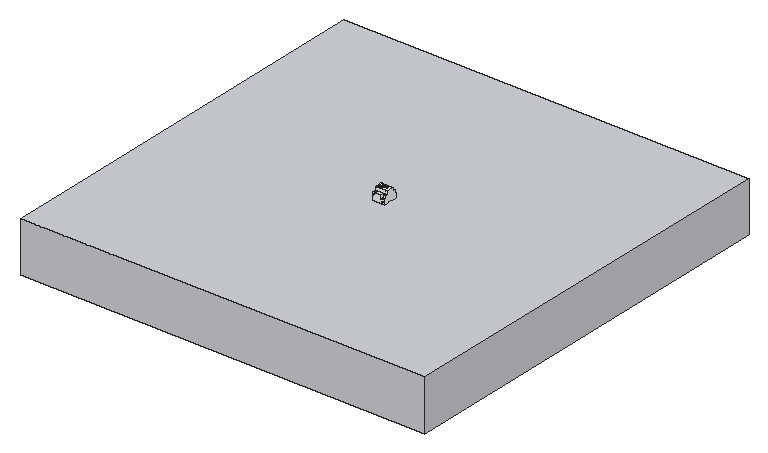
Revit family "Gira_547300", category Elektroinstallationen, Revit 2017
Family settings
  Basisbauteil = Fläche
  Beschriftungsausrichtung beibehalten = Nein
  Bemaßung runder Anschluss = Durchmesser verwenden
  Teiletyp = Normal
  Beim Laden mit Abzugskörper schneiden = Nein
  Gemeinsam genutzt = Nein
  Raumberechnungspunkt = Nein
Parameters (values of type "Funk Energiesensor 4f REG Gira eNet")
  Zusammenstellung = ""
  Zulassung nach PTB = no
  Default Elevation = 1219.2 mm
  Vor Ort-/Handbedienung = no
  URL = "https://www.gira.de/"
  Typname = "Funk Energiesensor 4f REG Gira eNet"
  Type Comments = ""
  Tarifumschaltung = no
  Schutzart (IP) = ""
  S0 Impulsschnittstelle = "ohne"
  Produktseite = "https://media.stage.bim.site/t/eyJhbGciOiJIUzI1NiIsInR5cCI6IkpXVCJ9.eyJjdCI6MiwidHUiOiJodHRwOi8va2F0YWxvZy5naXJhLmRlL2RlX0RFL2RhdGVuYmxhdHQuaHRtbD9hcnRpa2VsbnI9NTQ3MzAwIiwiY2lkIjoiMzI3N2NjMjMtODFhOS00ZWUzLWE5MGEtYjQ3YmI0YzBiNjE2IiwicmlkIjoiOTNkZGZkMDgxMjdlYWU3ZWY1MmJiYmE1NWZkOGEzYzYiLCJwaWQiOiI5OTZjZGY3Yjk5ZTJmMjkzZmI4M2UzYTA1MzUwMDc3OWIxN2EzM2Y4Iiwic2lkIjoiNjM0NzAiLCJ1dCI6MSwibGMiOiJkZSIsImlhdCI6MTYwMDkzMjM3NSwiaXNzIjoiaHR0cHM6Ly9hcGkubGl2ZS5iaW0uc2l0ZSIsInN1YiI6ImFkbWluQGJpbXNpdGUuZGV2In0.v6LTx8JdxTFB6P-iPBdSoHcnRh_mVAZ0HS7LN3kpzA4"
  Montageart = ""
  Model = ""
  Mit LED-Anzeige = no
  Mit Busankopplung = no
  Max. Anzahl der Schaltausgänge = 0
  Kosten = 0
  Hersteller = "Gira"
  HeinzeBIM = "https://www.heinze.de/bim/funk-energiesensor-4f-reg-gira-enet/996cdf7b99e2f293fb83e3a053500779b17a33f8"
  HAN = "547300"
  Geeignet für C-Last = no
  GTIN = "4010337774372"
  Datenblatt 1 = "https://media.stage.bim.site/t/eyJhbGciOiJIUzI1NiIsInR5cCI6IkpXVCJ9.eyJjdCI6MSwidGYiOiJwdWJsaWMvZ2lyYS9hZThjNTU3LzU0NzMwMC50eHQiLCJjaWQiOiIzMjc3Y2MyMy04MWE5LTRlZTMtYTkwYS1iNDdiYjRjMGI2MTYiLCJyaWQiOiI5M2RkZmQwODEyN2VhZTdlZjUyYmJiYTU1ZmQ4YTNjNiIsInBpZCI6Ijk5NmNkZjdiOTllMmYyOTNmYjgzZTNhMDUzNTAwNzc5YjE3YTMzZjgiLCJzaWQiOiI2MzQ3MCIsInV0IjoxLCJsYyI6ImRlIiwiaWF0IjoxNjAwOTMyMzc1LCJpc3MiOiJodHRwczovL2FwaS5saXZlLmJpbS5zaXRlIiwic3ViIjoiYWRtaW5AYmltc2l0ZS5kZXYifQ.1F50N674wiEsDIrhJkjGWdTRBbeqd4-9eI0yTZxx62c/547300.txt"
  Datenblatt = "https://media.stage.bim.site/t/eyJhbGciOiJIUzI1NiIsInR5cCI6IkpXVCJ9.eyJjdCI6MSwidHUiOiJodHRwczovL2thdGFsb2cuZ2lyYS5kZS9kZV9ERS9kb3dubG9hZC5odG1sP2FydGlrZWxucj01NDczMDAiLCJjaWQiOiIzMjc3Y2MyMy04MWE5LTRlZTMtYTkwYS1iNDdiYjRjMGI2MTYiLCJyaWQiOiI5M2RkZmQwODEyN2VhZTdlZjUyYmJiYTU1ZmQ4YTNjNiIsInBpZCI6Ijk5NmNkZjdiOTllMmYyOTNmYjgzZTNhMDUzNTAwNzc5YjE3YTMzZjgiLCJzaWQiOiI2MzQ3MCIsInV0IjoxLCJsYyI6ImRlIiwiaWF0IjoxNjAwOTMyMzc1LCJpc3MiOiJodHRwczovL2FwaS5saXZlLmJpbS5zaXRlIiwic3ViIjoiYWRtaW5AYmltc2l0ZS5kZXYifQ.dWAeogj-HHxLdO8JDsr2MNWV3o-1hWaL11CcTKGvEYM"
  Bussystem Powernet = yes
  Bussystem LON = no
  Bussystem KNX-Funk = no
  Bussystem KNX = no
  Bussystem Funkbus = yes
  Busfähig = ""
  Breite in Teilungseinheiten = 0
  Blindleistung = no
  Beschreibung = "eNet Funk Energiesensor 4fach  REG Merkmale:  Die eNet Funk Energiesensoren ermöglichen die Funkübertragung von Spannungs-, Strom- und Energiewerten an den eNet Server.  Betrieb mit eNet Server.  Erfassen von Strom und Spannung des angeschlossenen Verbrauchers.  Berechnen der Wirkleistung, der Blindleistung, der Scheinleistung und der elektrischen Wirkenergie.  Ereignis- oder zeitgesteuertes Senden von Messwerttelegrammen an den eNet Server.  Synchronisation der Uhrzeit mit dem eNet Server.  Anzeige eines einzelnen Energiewertes ist über die eNet SMART HOME app möglich.  Nutzung der Energiewerte als Auslöser für Wenn-Dann-Regeln in der eNet SMART HOME app. Mit eNet Server einstellbar::  Lokalisierung des Geräts.  Vollverschlüsselte Funkübertragung (AES-CCM) ab eNet Server Software Version 2.0.  Energieverbräuche als Wenn-Bedingung in Wenn-Dann-Regeln nutzen, um Aktionen, Szenen und Zeitschaltuhren zu aktivieren.  Update der Gerätesoftware.  Hinweise :  Zum Betrieb dieses Reiheneinbaugeräts wird ein eNet Server benötigt."
  Assembly Code = ""
  Keynote = ""
  BIMSITE_PRODUCT_ID = "996cdf7b99e2f293fb83e3a053500779b17a33f8"
  BIM = "https://media.stage.bim.site/t/eyJhbGciOiJIUzI1NiIsInR5cCI6IkpXVCJ9.eyJjdCI6MSwidGYiOiJwdWJsaWMvZ2lyYS9hZThjNTU3L1JFRyA4Zi5yZmEiLCJjaWQiOiIzMjc3Y2MyMy04MWE5LTRlZTMtYTkwYS1iNDdiYjRjMGI2MTYiLCJyaWQiOiI5M2RkZmQwODEyN2VhZTdlZjUyYmJiYTU1ZmQ4YTNjNiIsInBpZCI6Ijk5NmNkZjdiOTllMmYyOTNmYjgzZTNhMDUzNTAwNzc5YjE3YTMzZjgiLCJzaWQiOiI2MzQ3MCIsInV0Ijo1LCJsYyI6ImRlIiwiaWF0IjoxNjAwOTMyMzc1LCJpc3MiOiJodHRwczovL2FwaS5saXZlLmJpbS5zaXRlIiwic3ViIjoiYWRtaW5AYmltc2l0ZS5kZXYifQ.ugRn4N6vMVQnppVKESR8SUggcm9da4NZ7q9tX5EfD_Y/REG 8f.rfa"
  Ausgangsstrom [Ampere] = ""
  Ausgangsspannung [Volt] = ""
  Ausführung Text = "Energie-Zähler"
  Art der Spannungsversorgung = ""
  Anzahl der binären Eingänge = 0
  Anzahl der Ausgänge = 0
  Anschlussart = "direkt"
  Andere Bussysteme = "eNet"
Reference planes
  plane 1 "Center (Front/Back)": y = 0
  plane 2: z = 0
  plane 3 "Center (Left/Right)": x = 0
Forms (mm)
  Extrusion 1, solid
    sketch origin (0, 0, 0) x (1, 0, 0) y (0, 1, 0)
      loop
        line (-1219.2, 1219.2) -> (-1219.2, -1219.2) -> (1219.2, -1219.2) -> (1219.2, 1219.2) -> (-1219.2, 1219.2)
    from 0 to -304.8
  Extrusion 2, solid, material "White", detail levels fine
    sketch origin (0, 0, 0) x (0, 1, 0) y (0, 0, 1)
      loop
        line (45.125, -2.619) -> (45.125, 24.95) -> (33.875, 24.95) -> (33.875, 43.8) -> (22.575, 43.8) -> (22.575, 62.05)
        arc (22.575, 62.05) -> (22.311, 62.686) -> (21.675, 62.95) r 0.9
        line (21.675, 62.95) -> (-21.175, 62.95)
        arc (-21.175, 62.95) -> (-21.785, 62.758) -> (-22.175, 62.25) r 1.064
        line (-22.175, 62.25) -> (-22.175, 43.8) -> (-44.725, 43.8) -> (-44.725, -2.619)
        arc (-44.725, -2.619) -> (-31.081, -5.433) -> (-17.243, -7.049) r 160
        line (-17.243, -7.049) -> (-13.165, -1.734) -> (-16.399, -0.807) -> (-16.399, 0) -> (17.8, 0) -> (17.8, -1.4) -> (16.8, -1.4) -> (14.749, -4.952)
        arc (14.749, -4.952) -> (18.64, -6.184) -> (22.7, -6.6) r 20
        arc (22.7, -6.6) -> (33.983, -5.009) -> (45.125, -2.619) r 160
    from -36 to 36
  Extrusion 3, void, detail levels fine
    sketch origin (0, 0, 0) x (1, 0, 0) y (0, 1, 0)
      loop
        circle (30, 26.925) r 2.55
      loop
        circle (21.75, 26.925) r 2.55
      loop
        circle (12.75, 26.925) r 2.55
      loop
        circle (4.5, 26.925) r 2.55
      loop
        circle (-4.5, 26.925) r 2.55
      loop
        circle (-12.75, 26.925) r 2.55
      loop
        circle (-21.75, 26.925) r 2.55
      loop
        circle (-30, 26.925) r 2.55
    from 37.936 to 43.8
  Extrusion 4, void, detail levels fine
    sketch origin (0, 11.25, -18.85) x (1, 0, 0) y (0, 1, 0)
      loop
        circle (30, 26.925) r 2.55
      loop
        circle (21.75, 26.925) r 2.55
      loop
        circle (12.75, 26.925) r 2.55
      loop
        circle (4.5, 26.925) r 2.55
      loop
        circle (-4.5, 26.925) r 2.55
      loop
        circle (-12.75, 26.925) r 2.55
      loop
        circle (-21.75, 26.925) r 2.55
      loop
        circle (-30, 26.925) r 2.55
    from 37.936 to 43.8
  Extrusion 5, void, detail levels fine
    sketch origin (0, 0, 0) x (1, 0, 0) y (0, 1, 0)
      loop
        circle (-13, -3.875) r 3
      loop
        circle (-23, -3.875) r 3
      loop
        circle (-23, -13.875) r 3
      loop
        circle (-13, -13.875) r 3
      loop
        circle (-29, -3.875) r 1.575
      loop
        circle (-29, -13.875) r 1.575
      loop
        circle (-7, -13.875) r 1.575
      loop
        circle (-15.4, 5.325) r 1.625
      loop
        circle (-11, 5.325) r 1.575
      loop
        circle (-6.6, 5.325) r 1.625
      loop
        circle (-2.2, 5.325) r 1.625
      loop
        circle (2.2, 5.325) r 1.625
      loop
        circle (6.6, 5.325) r 1.625
      loop
        circle (11, 5.325) r 1.575
      loop
        circle (15.4, 5.325) r 1.625
    from 58.253 to 62.95
  Extrusion 6, void, detail levels fine
    sketch origin (0, 0, 0) x (1, 0, 0) y (0, 1, 0)
      loop
        line (-32.175, -32.6) -> (-32.175, -34.9) -> (-31.24, -34.36) -> (-31.401, -37.165) -> (-32.175, -36.7) -> (-32.175, -44.875) -> (-20.175, -44.875) -> (-20.175, -37.33) -> (-19.075, -37.965) -> (-19.075, -33.635) -> (-20.175, -34.27) -> (-20.175, -32.6) -> (-32.175, -32.6)
    from 28.5 to 43.8
  Extrusion 7, solid, detail levels fine
    sketch origin (0, 0, 0) x (1, 0, 0) y (0, 1, 0)
      loop
        circle (-29.375, -36.2) r 0.5
      loop
        circle (-23.575, -36.2) r 0.5
    from 28.5 to 37.5
  Extrusion 8, void, detail levels fine
    sketch origin (0, 0, 0) x (1, 0, 0) y (0, 1, 0)
      loop
        line (15.289, -31.489) -> (15.289, -44.875) -> (36, -44.875) -> (36, -31.489) -> (15.289, -31.489)
    from 25 to 43.8
  Extrusion 9, void, detail levels fine
    sketch origin (0, 0, 0) x (1, 0, 0) y (0, 1, 0)
      loop
        circle (21.75, -37.925) r 2.55
      loop
        circle (30, -37.925) r 2.55
    from 19.086 to 24.95
  Extrusion 10, void, detail levels fine
    sketch origin (0, 0, 0) x (1, 0, 0) y (0, 0, 1)
      loop
        line (32.368, 26.75) -> (32.35, 28.865) -> (32.319, 32.45) -> (27.731, 32.45) -> (27.682, 26.75) -> (32.368, 26.75)
      loop
        line (24.118, 26.75) -> (24.1, 28.865) -> (24.069, 32.45) -> (19.481, 32.45) -> (19.432, 26.75) -> (24.118, 26.75)
      loop
        line (15.118, 26.75) -> (15.1, 28.865) -> (15.069, 32.45) -> (10.481, 32.45) -> (10.432, 26.75) -> (15.118, 26.75)
      loop
        line (6.868, 26.75) -> (6.85, 28.865) -> (6.819, 32.45) -> (2.231, 32.45) -> (2.182, 26.75) -> (6.868, 26.75)
      loop
        line (-2.182, 26.75) -> (-2.2, 28.865) -> (-2.231, 32.45) -> (-6.819, 32.45) -> (-6.868, 26.75) -> (-2.182, 26.75)
      loop
        line (-10.432, 26.75) -> (-10.45, 28.865) -> (-10.481, 32.45) -> (-15.069, 32.45) -> (-15.118, 26.75) -> (-10.432, 26.75)
      loop
        line (-19.35, 26.75) -> (-19.369, 28.865) -> (-19.4, 32.45) -> (-23.987, 32.45) -> (-24.037, 26.75) -> (-19.35, 26.75)
      loop
        line (-27.682, 26.75) -> (-27.7, 28.865) -> (-27.731, 32.45) -> (-32.319, 32.45) -> (-32.368, 26.75) -> (-27.682, 26.75)
    from -29.206 to -33.875
  Extrusion 11, void, detail levels fine
    sketch origin (0, 11.25, -19.567) x (1, 0, 0) y (0, 0, 1)
      loop
        line (32.368, 26.75) -> (32.35, 28.865) -> (32.319, 32.45) -> (27.731, 32.45) -> (27.682, 26.75) -> (32.368, 26.75)
      loop
        line (24.118, 26.75) -> (24.1, 28.865) -> (24.069, 32.45) -> (19.481, 32.45) -> (19.432, 26.75) -> (24.118, 26.75)
      loop
        line (15.118, 26.75) -> (15.1, 28.865) -> (15.069, 32.45) -> (10.481, 32.45) -> (10.432, 26.75) -> (15.118, 26.75)
      loop
        line (6.868, 26.75) -> (6.85, 28.865) -> (6.819, 32.45) -> (2.231, 32.45) -> (2.182, 26.75) -> (6.868, 26.75)
      loop
        line (-2.182, 26.75) -> (-2.2, 28.865) -> (-2.231, 32.45) -> (-6.819, 32.45) -> (-6.868, 26.75) -> (-2.182, 26.75)
      loop
        line (-10.432, 26.75) -> (-10.45, 28.865) -> (-10.481, 32.45) -> (-15.069, 32.45) -> (-15.118, 26.75) -> (-10.432, 26.75)
      loop
        line (-19.35, 26.75) -> (-19.369, 28.865) -> (-19.4, 32.45) -> (-23.987, 32.45) -> (-24.037, 26.75) -> (-19.35, 26.75)
      loop
        line (-27.682, 26.75) -> (-27.7, 28.865) -> (-27.731, 32.45) -> (-32.319, 32.45) -> (-32.368, 26.75) -> (-27.682, 26.75)
    from -29.206 to -33.875
  Extrusion 12, void, detail levels fine
    sketch origin (0, 0, 0) x (1, 0, 0) y (0, 0, 1)
      loop
        line (32.319, 12.883) -> (27.731, 12.883) -> (27.682, 7.183) -> (32.368, 7.183) -> (32.35, 9.298) -> (32.319, 12.883)
      loop
        line (24.069, 12.883) -> (19.481, 12.883) -> (19.432, 7.183) -> (24.118, 7.183) -> (24.1, 9.298) -> (24.069, 12.883)
    from 40.588 to 44.725
  Extrusion 13, solid, material "White", detail levels fine
    sketch origin (0, 0, 0) x (1, 0, 0) y (0, 1, 0)
      loop
        circle (-15.4, 5.325) r 1.625
      loop
        circle (-11, 5.325) r 1.575
      loop
        circle (-6.6, 5.325) r 1.625
      loop
        circle (-2.2, 5.325) r 1.625
      loop
        circle (2.2, 5.325) r 1.625
      loop
        circle (6.6, 5.325) r 1.625
      loop
        circle (11, 5.325) r 1.575
      loop
        circle (15.4, 5.325) r 1.625
      loop
        circle (-29, -3.875) r 1.575
      loop
        circle (-29, -13.875) r 1.575
      loop
        circle (-7, -13.875) r 1.575
    from 58.253 to 62.25
  Extrusion 14, solid, material "White", detail levels fine
    sketch origin (0, 0, 0) x (1, 0, 0) y (0, 1, 0)
      loop
        circle (-23, -3.875) r 3
      loop
        circle (-13, -3.875) r 3
      loop
        circle (-23, -13.875) r 3
      loop
        circle (-13, -13.875) r 3
    from 58.253 to 63.841
  Extrusion 15, solid, material "White", detail levels medium
    sketch origin (0, 0, 0) x (0, 1, 0) y (0, 0, 1)
      loop
        line (45.125, -7.049) -> (45.125, 24.95) -> (33.875, 24.95) -> (33.875, 43.8) -> (22.575, 43.8) -> (22.575, 63.841) -> (-22.175, 63.841) -> (-22.175, 43.8) -> (-44.725, 43.8) -> (-44.725, -7.049) -> (45.125, -7.049)
    from -36 to 36
  Extrusion 16, solid, material "White", detail levels coarse
    sketch origin (0, 0, 0) x (0, 1, 0) y (0, 0, 1)
      loop
        line (45.125, -7.049) -> (45.125, 63.841) -> (-44.725, 63.841) -> (-44.725, -7.049) -> (45.125, -7.049)
    from -36 to 36
Cuts and joins
  Extrusion 3, Extrusion 4, Extrusion 5, Extrusion 6, Extrusion 8, Extrusion 9, Extrusion 10, Extrusion 11, Extrusion 12 cuts Extrusion 2
Dimensions and locks
  aligned and locked: plane 2 to Extrusion 1
  aligned and locked: level to Extrusion 1
